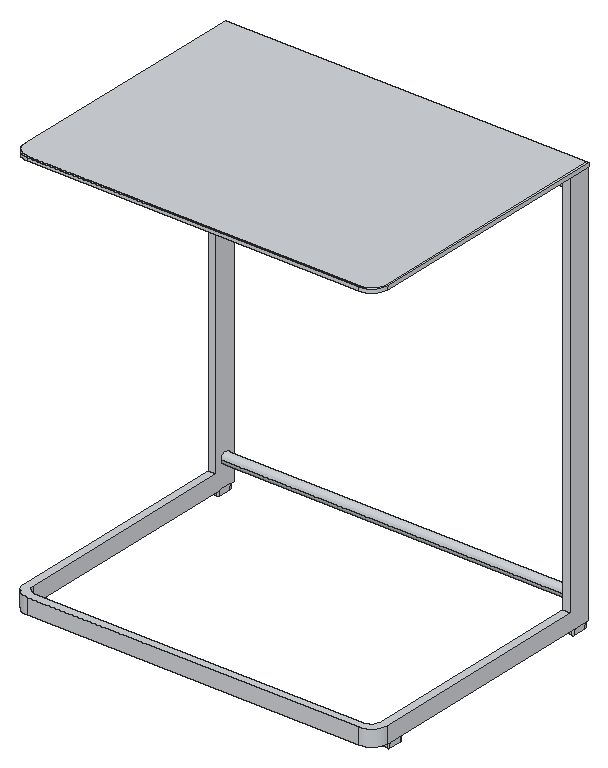
Revit family "Keilhauer_Pact_Low Table_77400", category Furniture, Revit 2017
Family settings
  OmniClass Number = 23.40.70.14.64.11
  OmniClass Title = Office Furniture
  Work Plane-Based = No
  Always vertical = Yes
  Cut with Voids When Loaded = No
  Shared = No
  Room Calculation Point = No
Parameters (values of type "Low Table Metal top")
  Type = 1
  Steel Top = Type = 1  # yes
  Laminate Top = Type = 2  # no
  Base [instance] = none
  Glides [instance] = none
  URL = "http://www.keilhauer.com/"
  Product Documentation Link = "http://www.keilhauer.com/"
  Model = "77400"
  Manufacturer = "Keilhauer, Corp."  # constant formula
  Description = "Small nesting table with metal top"
  Copyright © = "© 2021 Keilhauer, Corp."  # constant formula
  Catalog = "Pact"  # constant formula
  Table Top [instance] = none
  Authoring Version = "Autodesk Revit 2015"  # constant formula
  Assembly Code = "E2020200"
Types (2): name | Type | Steel Top | Laminate Top | Model | Description
  Low Table Laminate top | 2 | no | yes | "77401" | "Small nesting table with laminate top"
  Low Table Metal top | 1 | yes | no | "77400" | "Small nesting table with metal top"
Reference planes (in)
  plane 1 "Center (Front/Back)": y = 0
  plane 2: z = 0
  plane 3 "Center (Left/Right)": x = 0
  plane 4 "Top": z = 19.313
  plane 5 "Base": z = 0.25
  plane 6: x = 8.31399
  plane 7: x = -8.31399
Forms (in)
  Extrusion 1, solid, material <- "Table Top", visible <- "Steel Top"
    sketch origin (0, 0, 19.313) x (0, 1, 0) y (-1, 0, 0)
      loop
        line (6.53846, 8.50298) -> (-5.21154, 8.50298)
        arc (-5.21154, 8.50298) -> (-5.74187, 8.28331) -> (-5.96154, 7.75298) r 0.75
        line (-5.96154, 7.75298) -> (-5.96154, -7.75298)
        arc (-5.96154, -7.75298) -> (-5.74187, -8.28331) -> (-5.21154, -8.50298) r 0.75
        line (-5.21154, -8.50298) -> (6.53846, -8.50298) -> (6.53846, 8.50298)
    from 0 to 0.1575
  Blend 2, solid, material <- "Table Top", visible <- "Steel Top"
    base sketch origin (0, 0, 19.313) x (0, 1, 0) y (-1, 0, 0)
      loop
        line (6.53846, 8.50298) -> (-5.21154, 8.50298)
        arc (-5.21154, 8.50298) -> (-5.74187, 8.28331) -> (-5.96154, 7.75298) r 0.75
        line (-5.96154, 7.75298) -> (-5.96154, -7.75298)
        arc (-5.96154, -7.75298) -> (-5.74187, -8.28331) -> (-5.21154, -8.50298) r 0.75
        line (-5.21154, -8.50298) -> (6.53846, -8.50298) -> (6.53846, 8.50298)
    top sketch origin (0, 0, 19.313) x (0, 1, 0) y (-1, 0, 0)
      loop
        line (6.50846, 8.47298) -> (-5.21154, 8.47298)
        arc (-5.21154, 8.47298) -> (-5.72066, 8.2621) -> (-5.93154, 7.75298) r 0.72
        line (-5.93154, 7.75298) -> (-5.93154, -7.75298)
        arc (-5.93154, -7.75298) -> (-5.72066, -8.2621) -> (-5.21154, -8.47298) r 0.72
        line (-5.21154, -8.47298) -> (6.50846, -8.47298) -> (6.50846, 8.47298)
    from 0.1575 to 0.1875
  Extrusion 3, solid, material <- "Base"
    sketch origin (8.31399, 5.53647, 47.24409) x (0, -1, 0) y (0, 0, 1)
      loop
        line (-0.6875, -28.68109) -> (-0.3125, -28.68109) -> (-0.3125, -27.93109) -> (-0.6875, -27.93109) -> (-0.6875, -28.68109)
      loop
        circle (-0.5, -45.7439) r 0.25
    from 0 to 16.62798
  Extrusion 4, solid, material <- "Base"
    sketch origin (-10.25149, -60, 0.25) x (-1, 0, 0) y (0, -1, 0)
      loop
        line (-1.74851, -66.53647) -> (-1.74851, -65.53647) -> (-2.12202, -65.53647) -> (-2.12202, -66.53647) -> (-1.74851, -66.53647)
      loop
        line (-18.37798, -66.53647) -> (-18.37798, -65.53647) -> (-18.75447, -65.53647) -> (-18.75447, -66.53647) -> (-18.37798, -66.53647)
    from 0 to 19.063
  Sweep 5, solid, material <- "Base"
    path origin (0, 0, 19.313) x (0, 1, 0) y (-1, 0, 0)
      loop
        line (6.01233, 6.12947) -> (-1.65203, 6.12947)
        arc (-1.65203, 6.12947) -> (-2.18236, 5.9098) -> (-2.40203, 5.37947) r 0.75
        line (-2.40203, 5.37947) -> (-2.40203, -5.37947)
        arc (-2.40203, -5.37947) -> (-2.18236, -5.9098) -> (-1.65203, -6.12947) r 0.75
        line (-1.65203, -6.12947) -> (6.01233, -6.12947)
    profile origin (-6.12947, 2.18015, 19.313) x (1, 0, 0) y (0, 0, 1)
      loop
        line (0.375, -0.75) -> (0.375, 0) -> (0, 0) -> (0, -0.75) -> (0.375, -0.75)
  Sweep 6, solid, material <- "Base"
    path origin (-10.25149, -60.824, 0.25) x (-1, 0, 0) y (0, -1, 0)
      loop
        line (-18.38096, -66.86029) -> (-18.38096, -55.60547)
        arc (-18.38096, -55.60547) -> (-18.27259, -55.34384) -> (-18.01096, -55.23547) r 0.37
        line (-18.01096, -55.23547) -> (-2.49202, -55.23547)
        arc (-2.49202, -55.23547) -> (-2.23039, -55.34384) -> (-2.12202, -55.60547) r 0.37
        line (-2.12202, -55.60547) -> (-2.12202, -66.86029)
    profile origin (-8.12947, 0.40888, 0.25) x (-1, 0, 0) y (0, 0, 1)
      loop
        line (0, 0.75) -> (0, 0) -> (0.375, 0) -> (0.375, 0.75) -> (0, 0.75)
  Extrusion 7, solid, material <- "Glides"
    sketch origin (0, 0, 0) x (1, 0, 0) y (0, 1, 0)
      loop
        arc (-8.44298, 6.41022) -> (-8.48541, 6.39265) -> (-8.50298, 6.35022) r 0.06
        line (-8.50298, 6.35022) -> (-8.50298, 5.72236)
        arc (-8.50298, 5.72236) -> (-8.48541, 5.67994) -> (-8.44298, 5.66236) r 0.06
        line (-8.44298, 5.66236) -> (-8.18947, 5.66236)
        arc (-8.18947, 5.66236) -> (-8.14704, 5.67994) -> (-8.12947, 5.72236) r 0.06
        line (-8.12947, 5.72236) -> (-8.12947, 6.35022)
        arc (-8.12947, 6.35022) -> (-8.14704, 6.39265) -> (-8.18947, 6.41022) r 0.06
        line (-8.18947, 6.41022) -> (-8.44298, 6.41022)
      loop
        line (-8.44298, -5.13465) -> (-8.18947, -5.13465)
        arc (-8.18947, -5.13465) -> (-8.14704, -5.11707) -> (-8.12947, -5.07465) r 0.06
        line (-8.12947, -5.07465) -> (-8.12947, -4.44679)
        arc (-8.12947, -4.44679) -> (-8.14704, -4.40436) -> (-8.18947, -4.38679) r 0.06
        line (-8.18947, -4.38679) -> (-8.44298, -4.38679)
        arc (-8.44298, -4.38679) -> (-8.48541, -4.40436) -> (-8.50298, -4.44679) r 0.06
        line (-8.50298, -4.44679) -> (-8.50298, -5.07465)
        arc (-8.50298, -5.07465) -> (-8.48541, -5.11707) -> (-8.44298, -5.13465) r 0.06
      loop
        line (8.44298, 6.41022) -> (8.18947, 6.41022)
        arc (8.18947, 6.41022) -> (8.14704, 6.39265) -> (8.12947, 6.35022) r 0.06
        line (8.12947, 6.35022) -> (8.12947, 5.72236)
        arc (8.12947, 5.72236) -> (8.14704, 5.67994) -> (8.18947, 5.66236) r 0.06
        line (8.18947, 5.66236) -> (8.44298, 5.66236)
        arc (8.44298, 5.66236) -> (8.48541, 5.67994) -> (8.50298, 5.72236) r 0.06
        line (8.50298, 5.72236) -> (8.50298, 6.35022)
        arc (8.50298, 6.35022) -> (8.48541, 6.39265) -> (8.44298, 6.41022) r 0.06
      loop
        arc (8.44298, -5.13465) -> (8.48541, -5.11707) -> (8.50298, -5.07465) r 0.06
        line (8.50298, -5.07465) -> (8.50298, -4.44679)
        arc (8.50298, -4.44679) -> (8.48541, -4.40436) -> (8.44298, -4.38679) r 0.06
        line (8.44298, -4.38679) -> (8.18947, -4.38679)
        arc (8.18947, -4.38679) -> (8.14704, -4.40436) -> (8.12947, -4.44679) r 0.06
        line (8.12947, -4.44679) -> (8.12947, -5.07465)
        arc (8.12947, -5.07465) -> (8.14704, -5.11707) -> (8.18947, -5.13465) r 0.06
        line (8.18947, -5.13465) -> (8.44298, -5.13465)
    from 0 to 0.25
  Extrusion 8, solid, material <- "Table Top", visible <- "Laminate Top"
    sketch origin (0, 0, 19.313) x (0, 1, 0) y (-1, 0, 0)
      loop
        line (6.53846, 8.50298) -> (-5.21154, 8.50298)
        arc (-5.21154, 8.50298) -> (-5.74187, 8.28331) -> (-5.96154, 7.75298) r 0.75
        line (-5.96154, 7.75298) -> (-5.96154, -7.75298)
        arc (-5.96154, -7.75298) -> (-5.74187, -8.28331) -> (-5.21154, -8.50298) r 0.75
        line (-5.21154, -8.50298) -> (6.53846, -8.50298) -> (6.53846, 8.50298)
    from 0 to 0.5
Cuts and joins
  joined: Extrusion 1, Blend 2
  joined: Extrusion 3, Extrusion 4, Sweep 5, Sweep 6
Lines and regions (in)
  Masking region 1
    outline origin (0, 0, 0) x (1, 0, 0) y (0, 1, 0)
      loop
        line (-8.50298, 6.53846) -> (-8.50298, -5.21154)
        arc (-8.50298, -5.21154) -> (-8.28331, -5.74187) -> (-7.75298, -5.96154) r 0.75
        line (-7.75298, -5.96154) -> (7.75298, -5.96154)
        arc (7.75298, -5.96154) -> (8.28331, -5.74187) -> (8.50298, -5.21154) r 0.75
        line (8.50298, -5.21154) -> (8.50298, 6.53846) -> (-8.50298, 6.53846)
Dimensions and locks (in)
  equal spacing: plane 7, plane 3 "Center (Left/Right)", plane 6, locked at 8.31399 each
  radius of Masking region 1 sketch curve = 0.750"  (x2)
  radius of Extrusion 8 sketch curve = 0.750"  (x2)
  aligned and locked: nested 1 to plane 3 "Center (Left/Right)"
  aligned and locked: plane 1 "Center (Front/Back)" to nested 1
  aligned and locked: Extrusion 1 to plane 4 "Top"
  aligned and locked: Extrusion 3 to plane 7
  aligned and locked: Extrusion 3 to plane 6
  aligned and locked: plane 4 "Top" to Extrusion 4
  aligned and locked: Extrusion 4 to plane 5 "Base"
  aligned and locked: plane 4 "Top" to Sweep 5 sketch curve
  aligned and locked: profile plane to Sweep 5 sketch curve
  aligned and locked: plane 5 "Base" to Sweep 6 sketch curve
  aligned and locked: plane 2 to Extrusion 7
  aligned and locked: plane 5 "Base" to Extrusion 7
  aligned and locked: Masking region 1 sketch curve to cut or joined group of Extrusion 1, Blend 2  (x4)
  aligned and locked: Extrusion 8 sketch curve to cut or joined group of Extrusion 1, Blend 2  (x4)
Automatic sketch dimensions
  plane 7 to Extrusion 1 sketch curve = 0.56101"
  plane 1 "Center (Front/Back)" to Extrusion 1 sketch curve = 5.96154"
  Extrusion 1 sketch curve to plane 6 = 0.18899"
  Extrusion 1 sketch curve to Extrusion 1 sketch curve = 0.750"  (x2)
  Extrusion 1 sketch curve to plane 1 "Center (Front/Back)" = 6.53846"
  plane 7 to Blend 2 sketch curve = 0.56101"
  plane 1 "Center (Front/Back)" to Blend 2 sketch curve = 5.96154"
  plane 6 to Blend 2 sketch curve = 0.56101"  (x2)
  Blend 2 sketch curve to Blend 2 sketch curve = 0.750"
  Blend 2 sketch curve to plane 7 = 0.18899"
  Blend 2 sketch curve to plane 1 "Center (Front/Back)" = 6.53846"
  plane 1 "Center (Front/Back)" to Blend 2 sketch curve = 5.93154"
  Blend 2 sketch curve to plane 6 = 0.15899"
  Blend 2 sketch curve to Blend 2 sketch curve = 0.720"
  Blend 2 sketch curve to plane 7 = 0.15899"
  Blend 2 sketch curve to plane 1 "Center (Front/Back)" = 6.50846"
  Extrusion 3 sketch curve to plane 4 "Top" = 0.000"
  Extrusion 3 sketch curve to plane 1 "Center (Front/Back)" = 6.22397"
  plane 5 "Base" to Extrusion 3 sketch curve = 1.25019"
  Extrusion 3 sketch curve to plane 1 "Center (Front/Back)" = 6.03647"
  Extrusion 3 sketch curve to Extrusion 3 sketch curve = 0.375"
  Extrusion 3 sketch curve to Extrusion 3 sketch curve = 0.750"
  Extrusion 4 sketch curve to plane 6 = 0.18899"
  plane 6 to Extrusion 4 sketch curve = 0.1875"
  plane 7 to Extrusion 4 sketch curve = 0.18452"
  Extrusion 4 sketch curve to plane 7 = 0.18899"
  Extrusion 4 sketch curve to plane 1 "Center (Front/Back)" = 6.53647"  (x2)
  Extrusion 4 sketch curve to Extrusion 4 sketch curve = 1.000"  (x2)
  plane 1 "Center (Front/Back)" to Sweep 5 sketch curve = 2.40203"
  Sweep 5 sketch curve to Sweep 5 sketch curve = 0.750"  (x3)
  plane 6 to Sweep 5 sketch curve = 2.18452"
  plane 7 to Sweep 5 sketch curve = 2.93452"
  Sweep 5 sketch curve to plane 1 "Center (Front/Back)" = 6.01233"  (x2)
  Sweep 5 sketch curve to profile plane = 0.375"
  Sweep 6 sketch curve to profile plane = 0.000"
  Sweep 6 sketch curve to Sweep 6 sketch curve = 0.375"
  plane 5 "Base" to Sweep 6 sketch curve = 0.750"
  Extrusion 7 sketch curve to plane 7 = 0.18899"  (x2)
  Extrusion 7 sketch curve to Extrusion 7 sketch curve = 0.060"  (x12)
  plane 7 to Extrusion 7 sketch curve = 0.12452"  (x4)
  plane 6 to Extrusion 7 sketch curve = 0.18452"  (x2)
  Extrusion 7 sketch curve to plane 6 = 0.12899"  (x4)
  plane 1 "Center (Front/Back)" to Extrusion 7 sketch curve = 5.13465"  (x2)
  Extrusion 7 sketch curve to Extrusion 7 sketch curve = 0.62786"  (x4)
  Extrusion 7 sketch curve to plane 1 "Center (Front/Back)" = 5.66236"  (x2)
  plane 6 to Sweep 6 sketch curve = 0.18452"
  Sweep 6 sketch curve to Sweep 6 sketch curve = 0.370"
  plane 7 to Sweep 6 sketch curve = 0.55452"
  plane 7 to Sweep 6 sketch curve = 0.18452"
  plane 1 "Center (Front/Back)" to Sweep 6 sketch curve = 5.21853"
  Sweep 6 sketch curve to plane 1 "Center (Front/Back)" = 6.03629"  (x2)
  radius of Extrusion 3 sketch curve = 0.250"
Nested families (in)
  nested 1: "Furniture_Tag" at (0, 0, 0), type "Center", detail levels fine
    with Offset (LR) 0.000"
Definition of nested family "Furniture_Tag"
  Parameters
    P_Width = 0.000"
    Text_Width = "Empty"
    Text_Height = "Empty"
    Text_Diameter = "Empty"
    Text_Depth = "Empty"
    Offset (LR) [instance] = 0.000"
    Model Name = "Type Catalog"
    P_Height = 0.000"
    Distance of Center (not Change) = 0.000"
    P_Diameter = 0.000"
    P_Depth = 0.000"
  Reference planes (in)
    plane 1: y = 0
    plane 2: x = 0
  Lines and regions (in)
    reference lines
      curve 1: line (-0.44359, 0, 0) -> (0.41085, 0, 0)
      curve 3: line (0, 0.32564, 0) -> (0, -0.40221, 0)
    reference lines, not visible
      curve 2: line (-0.44359, 0.09843, 0) -> (0.41085, 0.09843, 0)
      curve 4: line (0, 0.42407, 0) -> (0, -0.30379, 0)
  Text (in)
    label "Empty" at (0.00197, -0.0079, 0), shows "Model Name"
    label "Empty" at (0.00197, 0.09052, 0), shows "Model Name", not visible
  Dimensions and locks (in)
    "Distance of Center (not Change)": plane 1 to curve 1
    "Offset (LR)": curve 3 to plane 2
  Automatic sketch dimensions
    curve 1 to curve 3 = 0.44359"
    curve 3 to curve 1 = 0.41085"
    curve 3 to curve 1 = 0.40221"
    curve 1 to curve 3 = 0.32564"
    curve 2 to curve 4 = 0.44359"
    curve 4 to curve 2 = 0.41085"
    curve 4 to curve 2 = 0.40221"
    curve 2 to curve 4 = 0.32564"
